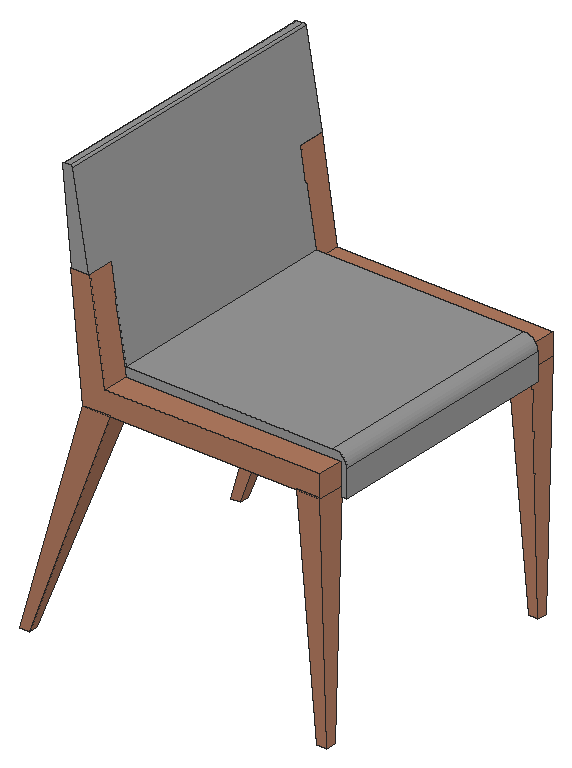
Revit family "Furniture_EUTHALIA", category Furniture, Revit 2019
Family settings
  OmniClass Number = 23.21.23.15.17
  Work Plane-Based = Yes
  Always vertical = No
  Cut with Voids When Loaded = No
  Shared = No
  Room Calculation Point = No
Parameters (values of type "EUTHALIA 181.01")
  Youtube clip = ""
  Width = 530.000 mm
  Uniformat II Description = "Movable Furnishings"
  Uniformat II Code = ""
  Uniclass 2015 Name = ""
  Uniclass 2015 Code = ""
  Uniclass 2.0 Description = ""
  Uniclass 2.0 Code = ""
  Uniclass 1.4 Description = ""
  Uniclass 1.4 Code = ""
  UNSPSC Code = ""
  Technical description = ""
  Shell Material = Leather - Brilliant White
  Height = 800.000 mm
  Frame Material = Wood - Oak Light Stain R 3.102
  Region South America = "All"
  Region Oceania = "All"
  Region North America = "All"
  Region Middle East = "All"
  Region Europe = "All"
  Region Asia = "All"
  Region Antarctica = "All"
  Region Africa = "All"
  QR code = "https://www.sandlerseating.com/product/euthalia-181-01/"
  Product url = "https://www.sandlerseating.com/product/euthalia-181-01/"
  Product name = "EUTHALIA 181.01"
  Product group = "Chair"
  Product family = "Furniture"
  Product data url = "https://www.sandlerseating.com/product/euthalia-181-01/"
  Product certification = ""
  Product SKU = "??"
  Product Guid = "??"
  OmniClass Description = ""
  OmniClass Code = "23-21 23 15 17"
  NBS Reference Description = ""
  NBS Reference Code = ""
  Model = "EUTHALIA 181.01"
  Masterformat 2014 Description = "Chair Mats"
  Masterformat 2014 Code = "12 48 43.13"
  Manufacturer name = "Sandler"
  Manufacturer country = "USA"
  Manufacturer = "Sandler"
  Installation instructions = ""
  IFC Classification = "Furnishing Element"
  GTIN code = ""
  Edition number = 1
  Design country = "Brasil"
  Description = "Chair"
  Depth = 560.000 mm
  Default Elevation = 0.000 mm
  Date of publishing = ""
  COBIe Type Category = ""
  Brand url = "https://www.sandlerseating.com/"
  BIMobject main category code = "furniture"
  BIMobject main category = "Furniture"
  BIMobject category code = "furniture-chair"
  BIMobject category = "Chair"
Reference planes
  plane 1 "Center Front/Back": y = 0
  plane 2: z = 0
  plane 3 "Center Left/Right": x = 0
Dimensions and locks
  aligned and locked: level to plane 2
Nested families
  nested 1: "TP01 - EUTHALIA" at (59.508, 0, -0.029) x (0, 1, 0) z (0, 0, 1), Seat Material <- "Shell Material", type "TP01 - EUTHALIA"
    with Seat Material Leather - Brilliant White
  nested 2: "BS01 - EUTHALIA" at (57.5, 0, 0) x (0, 1, 0) z (0, 0, 1), Frame Material <- "Frame Material", type "BS01 - EUTHALIA"
    with Frame Material Wood - Oak Light Stain R 3.102
Definition of nested family "TP01 - EUTHALIA"
  Parameters (values of type "TP01 - EUTHALIA")
    Seat Material [instance] = none
    Frame Material = none
  Reference planes
    plane 1 "Center (Front/Back)": y = 0
    plane 2: z = 0
    plane 3 "Center (Left/Right)": x = 0
  Forms (mm)
    Extrusion 1, solid, material <- "Seat Material"
      sketch origin (0, 0, 0) x (0, 1, 0) y (0, 0, 1)
        loop
          arc (254.709, 796.647) -> (253.937, 798.984) -> (251.687, 799.98) r 3.036
          line (251.687, 799.98) -> (240.142, 799.98)
          arc (240.142, 799.98) -> (237.66, 799.077) -> (236.34, 796.79) r 3.861
          line (236.34, 796.79) -> (178.927, 471.185) -> (-200, 471.185)
          arc (-200, 471.185) -> (-217.678, 463.862) -> (-225, 446.185) r 25
          line (-225, 446.185) -> (-225, 397.184) -> (-174.779, 397.184) -> (-174.779, 415.536) -> (217.289, 415.536) -> (254.709, 796.647)
      from -264.994 to 264.994
    Extrusion 2, void
      sketch origin (0, 0, 0) x (1, 0, 0) y (0, 0, 1)
        loop
          line (-264.994, 632.74) -> (-264.994, 397.184) -> (-217.341, 397.184) -> (-217.341, 632.74) -> (-264.994, 632.74)
        loop
          line (264.994, 632.74) -> (217.341, 632.74) -> (217.341, 397.184) -> (264.994, 397.184) -> (264.994, 632.74)
      from -248.441 to 235.186
  Cuts and joins
    Extrusion 2 cuts Extrusion 1
  Dimensions and locks
    aligned and locked: level to plane 2
Definition of nested family "BS01 - EUTHALIA"
  Parameters (values of type "BS01 - EUTHALIA")
    Frame Material [instance] = none
  Reference planes
    plane 1 "Center (Front/Back)": y = 0
    plane 2: z = 0
    plane 3 "Center (Left/Right)": x = 0
  Forms (mm)
    Extrusion 1, solid, material <- "Frame Material"
      sketch origin (0, 0, 0) x (0, 1, 0) y (0, 0, 1)
        loop
          line (238.032, 632.74) -> (204.347, 632.74) -> (176.437, 455.36) -> (-216.324, 455.36) -> (-216.324, 415.36) -> (215.759, 415.36) -> (238.032, 632.74)
      from -264.994 to -216.644
    Blend 2, solid, material <- "Frame Material"
      base sketch origin (0, 0, 238.7) x (-1, 0, 0) y (0, -1, 0)
        loop
          line (264.994, 216.324) -> (216.644, 216.324) -> (216.644, 173.661) -> (264.994, 173.661) -> (264.994, 216.324)
      top sketch origin (0, 0, 238.7) x (-1, 0, 0) y (0, -1, 0)
        loop
          line (249.187, 198.188) -> (249.187, 216.324) -> (232.45, 216.324) -> (232.45, 198.188) -> (249.187, 198.188)
      from 176.806 to -238.7
    Blend 3, solid, material <- "Frame Material"
      base sketch origin (0, 0, 238.7) x (-1, 0, 0) y (0, -1, 0)
        loop
          line (264.994, -215.759) -> (264.994, -166.238) -> (216.644, -166.238) -> (216.644, -215.759) -> (264.994, -215.759)
      top sketch origin (0, 0, 238.7) x (-1, 0, 0) y (0, -1, 0)
        loop
          line (249.187, -326.618) -> (232.45, -326.618) -> (232.45, -343.663) -> (249.187, -343.663) -> (249.187, -326.618)
      from 176.806 to -238.7
    Extrusion 4, solid, material <- "Frame Material"
      sketch origin (0, 0, 0) x (0, 1, 0) y (0, 0, -1)
        loop
          line (238.032, -632.74) -> (215.759, -415.36) -> (-216.324, -415.36) -> (-216.324, -455.36) -> (176.437, -455.36) -> (204.347, -632.74) -> (238.032, -632.74)
      from -264.994 to -216.644
    Blend 5, solid, material <- "Frame Material"
      base sketch origin (0, 0, 238.7) x (1, 0, 0) y (0, 1, 0)
        loop
          line (264.994, -216.324) -> (264.994, -173.661) -> (216.644, -173.661) -> (216.644, -216.324) -> (264.994, -216.324)
      top sketch origin (0, 0, 238.7) x (1, 0, 0) y (0, 1, 0)
        loop
          line (249.187, -198.188) -> (232.45, -198.188) -> (232.45, -216.324) -> (249.187, -216.324) -> (249.187, -198.188)
      from 176.806 to -238.7
    Blend 6, solid, material <- "Frame Material"
      base sketch origin (0, 0, 238.7) x (1, 0, 0) y (0, 1, 0)
        loop
          line (264.994, 215.759) -> (216.644, 215.759) -> (216.644, 166.238) -> (264.994, 166.238) -> (264.994, 215.759)
      top sketch origin (0, 0, 238.7) x (1, 0, 0) y (0, 1, 0)
        loop
          line (249.187, 326.618) -> (249.187, 343.663) -> (232.45, 343.663) -> (232.45, 326.618) -> (249.187, 326.618)
      from 176.806 to -238.7
  Dimensions and locks
    aligned and locked: level to plane 2
